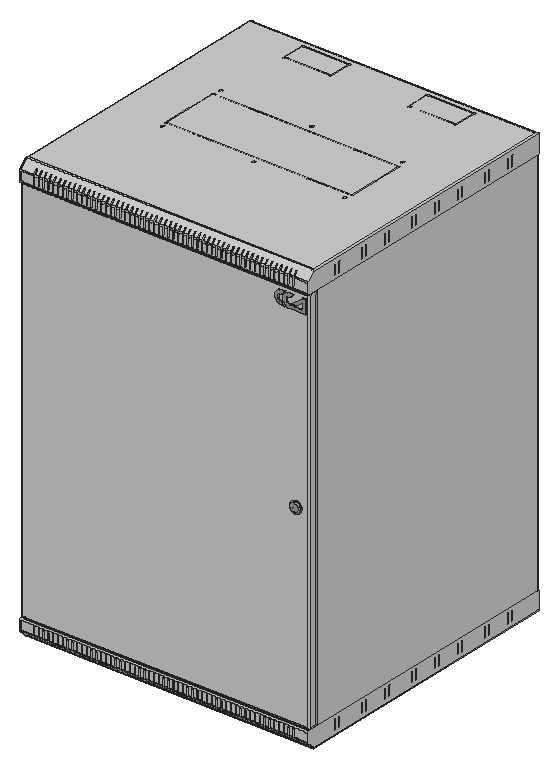
Revit family "Шкаф телекоммуникационный настенный сварной 19” 600х600", category Обобщенные модели, Revit 2019 (continued)
Definition of nested family "Крышка 600"
  Forms (mm)
    Extrusion 102, void, detail levels fine
      sketch origin (0, 0, -274.506) x (0, 1, 0) y (0, 0, 1)
        loop
          arc (238.196, 473.006) -> (239.942, 474.752) -> (238.196, 476.499) r 1.747
      from 299 to 300
    Extrusion 103, void, detail levels fine
      sketch origin (0, 0, -264.506) x (0, 1, 0) y (0, 0, 1)
        loop
          line (238.196, 476.499) -> (216.196, 476.499)
          arc (216.196, 476.499) -> (214.449, 474.752) -> (216.196, 473.006) r 1.747
          line (216.196, 473.006) -> (238.196, 473.006)
          arc (238.196, 473.006) -> (239.942, 474.752) -> (238.196, 476.499) r 1.747
      from 299 to 300
    Extrusion 104, void, detail levels fine
      sketch origin (0, 0, -254.506) x (0, 1, 0) y (0, 0, 1)
        loop
          line (238.196, 476.499) -> (216.196, 476.499)
          arc (216.196, 476.499) -> (214.449, 474.752) -> (216.196, 473.006) r 1.747
          line (216.196, 473.006) -> (238.196, 473.006)
          arc (238.196, 473.006) -> (239.942, 474.752) -> (238.196, 476.499) r 1.747
      from 299 to 300
    Extrusion 105, void, detail levels fine
      sketch origin (0, 0, -244.506) x (0, 1, 0) y (0, 0, 1)
        loop
          line (238.196, 476.499) -> (216.196, 476.499)
          arc (216.196, 476.499) -> (214.449, 474.752) -> (216.196, 473.006) r 1.747
          line (216.196, 473.006) -> (238.196, 473.006)
          arc (238.196, 473.006) -> (239.942, 474.752) -> (238.196, 476.499) r 1.747
      from 299 to 300
    Extrusion 106, void, detail levels fine
      sketch origin (0, 0, -234.506) x (0, 1, 0) y (0, 0, 1)
        loop
          line (238.196, 476.499) -> (216.196, 476.499)
          arc (216.196, 476.499) -> (214.449, 474.752) -> (216.196, 473.006) r 1.747
          line (216.196, 473.006) -> (238.196, 473.006)
          arc (238.196, 473.006) -> (239.942, 474.752) -> (238.196, 476.499) r 1.747
      from 299 to 300
    Extrusion 107, void, detail levels fine
      sketch origin (0, 0, -224.506) x (0, 1, 0) y (0, 0, 1)
        loop
          line (238.196, 476.499) -> (216.196, 476.499)
          arc (216.196, 476.499) -> (214.449, 474.752) -> (216.196, 473.006) r 1.747
          line (216.196, 473.006) -> (238.196, 473.006)
          arc (238.196, 473.006) -> (239.942, 474.752) -> (238.196, 476.499) r 1.747
      from 299 to 300
    Extrusion 108, void, detail levels fine
      sketch origin (127.434, 67.262, -39.994) x (1, 0, 0) y (0, 1, 0)
        loop
          line (31.066, 172.333) -> (31.066, 148.933)
          arc (31.066, 148.933) -> (32.566, 147.433) -> (34.066, 148.933) r 1.5
          line (34.066, 148.933) -> (34.066, 172.333)
          arc (34.066, 172.333) -> (32.566, 173.833) -> (31.066, 172.333) r 1.5
      from 639.994 to 600 <- "ADSK_Размер_Глубина"
    Extrusion 109, void, detail levels fine
      sketch origin (137.434, 67.262, -39.994) x (1, 0, 0) y (0, 1, 0)
        loop
          line (31.066, 172.333) -> (31.066, 148.933)
          arc (31.066, 148.933) -> (32.566, 147.433) -> (34.066, 148.933) r 1.5
          line (34.066, 148.933) -> (34.066, 172.333)
          arc (34.066, 172.333) -> (32.566, 173.833) -> (31.066, 172.333) r 1.5
      from 639.994 to 600 <- "ADSK_Размер_Глубина"
    Extrusion 110, void, detail levels fine
      sketch origin (107.434, 67.262, -39.994) x (1, 0, 0) y (0, 1, 0)
        loop
          line (31.066, 172.333) -> (31.066, 148.933)
          arc (31.066, 148.933) -> (32.566, 147.433) -> (34.066, 148.933) r 1.5
          line (34.066, 148.933) -> (34.066, 172.333)
          arc (34.066, 172.333) -> (32.566, 173.833) -> (31.066, 172.333) r 1.5
      from 639.994 to 600 <- "ADSK_Размер_Глубина"
    Extrusion 111, void, detail levels fine
      sketch origin (117.434, 67.262, -39.994) x (1, 0, 0) y (0, 1, 0)
        loop
          line (31.066, 172.333) -> (31.066, 148.933)
          arc (31.066, 148.933) -> (32.566, 147.433) -> (34.066, 148.933) r 1.5
          line (34.066, 148.933) -> (34.066, 172.333)
          arc (34.066, 172.333) -> (32.566, 173.833) -> (31.066, 172.333) r 1.5
      from 639.994 to 600 <- "ADSK_Размер_Глубина"
    Extrusion 112, void, detail levels fine
      sketch origin (87.434, 67.262, -39.994) x (1, 0, 0) y (0, 1, 0)
        loop
          line (31.066, 172.333) -> (31.066, 148.933)
          arc (31.066, 148.933) -> (32.566, 147.433) -> (34.066, 148.933) r 1.5
          line (34.066, 148.933) -> (34.066, 172.333)
          arc (34.066, 172.333) -> (32.566, 173.833) -> (31.066, 172.333) r 1.5
      from 639.994 to 600 <- "ADSK_Размер_Глубина"
    Extrusion 113, void, detail levels fine
      sketch origin (97.434, 67.262, -39.994) x (1, 0, 0) y (0, 1, 0)
        loop
          line (31.066, 172.333) -> (31.066, 148.933)
          arc (31.066, 148.933) -> (32.566, 147.433) -> (34.066, 148.933) r 1.5
          line (34.066, 148.933) -> (34.066, 172.333)
          arc (34.066, 172.333) -> (32.566, 173.833) -> (31.066, 172.333) r 1.5
      from 639.994 to 600 <- "ADSK_Размер_Глубина"
    Extrusion 114, void, detail levels fine
      sketch origin (67.434, 67.262, -39.994) x (1, 0, 0) y (0, 1, 0)
        loop
          line (31.066, 172.333) -> (31.066, 148.933)
          arc (31.066, 148.933) -> (32.566, 147.433) -> (34.066, 148.933) r 1.5
          line (34.066, 148.933) -> (34.066, 172.333)
          arc (34.066, 172.333) -> (32.566, 173.833) -> (31.066, 172.333) r 1.5
      from 639.994 to 600 <- "ADSK_Размер_Глубина"
    Extrusion 115, void, detail levels fine
      sketch origin (77.434, 67.262, -39.994) x (1, 0, 0) y (0, 1, 0)
        loop
          line (31.066, 172.333) -> (31.066, 148.933)
          arc (31.066, 148.933) -> (32.566, 147.433) -> (34.066, 148.933) r 1.5
          line (34.066, 148.933) -> (34.066, 172.333)
          arc (34.066, 172.333) -> (32.566, 173.833) -> (31.066, 172.333) r 1.5
      from 639.994 to 600 <- "ADSK_Размер_Глубина"
    Extrusion 116, void, detail levels fine
      sketch origin (47.434, 67.262, -39.994) x (1, 0, 0) y (0, 1, 0)
        loop
          line (31.066, 172.333) -> (31.066, 148.933)
          arc (31.066, 148.933) -> (32.566, 147.433) -> (34.066, 148.933) r 1.5
          line (34.066, 148.933) -> (34.066, 172.333)
          arc (34.066, 172.333) -> (32.566, 173.833) -> (31.066, 172.333) r 1.5
      from 639.994 to 600 <- "ADSK_Размер_Глубина"
    Extrusion 117, void, detail levels fine
      sketch origin (57.434, 67.262, -39.994) x (1, 0, 0) y (0, 1, 0)
        loop
          line (31.066, 172.333) -> (31.066, 148.933)
          arc (31.066, 148.933) -> (32.566, 147.433) -> (34.066, 148.933) r 1.5
          line (34.066, 148.933) -> (34.066, 172.333)
          arc (34.066, 172.333) -> (32.566, 173.833) -> (31.066, 172.333) r 1.5
      from 639.994 to 600 <- "ADSK_Размер_Глубина"
    Extrusion 118, void, detail levels fine
      sketch origin (27.434, 67.262, -39.994) x (1, 0, 0) y (0, 1, 0)
        loop
          line (31.066, 172.333) -> (31.066, 148.933)
          arc (31.066, 148.933) -> (32.566, 147.433) -> (34.066, 148.933) r 1.5
          line (34.066, 148.933) -> (34.066, 172.333)
          arc (34.066, 172.333) -> (32.566, 173.833) -> (31.066, 172.333) r 1.5
      from 639.994 to 600 <- "ADSK_Размер_Глубина"
    Extrusion 119, void, detail levels fine
      sketch origin (37.434, 67.262, -39.994) x (1, 0, 0) y (0, 1, 0)
        loop
          line (31.066, 172.333) -> (31.066, 148.933)
          arc (31.066, 148.933) -> (32.566, 147.433) -> (34.066, 148.933) r 1.5
          line (34.066, 148.933) -> (34.066, 172.333)
          arc (34.066, 172.333) -> (32.566, 173.833) -> (31.066, 172.333) r 1.5
      from 639.994 to 600 <- "ADSK_Размер_Глубина"
    Extrusion 120, void, detail levels fine
      sketch origin (7.434, 67.262, -39.994) x (1, 0, 0) y (0, 1, 0)
        loop
          line (31.066, 172.333) -> (31.066, 148.933)
          arc (31.066, 148.933) -> (32.566, 147.433) -> (34.066, 148.933) r 1.5
          line (34.066, 148.933) -> (34.066, 172.333)
          arc (34.066, 172.333) -> (32.566, 173.833) -> (31.066, 172.333) r 1.5
      from 639.994 to 600 <- "ADSK_Размер_Глубина"
    Extrusion 121, void, detail levels fine
      sketch origin (17.434, 67.262, -39.994) x (1, 0, 0) y (0, 1, 0)
        loop
          line (31.066, 172.333) -> (31.066, 148.933)
          arc (31.066, 148.933) -> (32.566, 147.433) -> (34.066, 148.933) r 1.5
          line (34.066, 148.933) -> (34.066, 172.333)
          arc (34.066, 172.333) -> (32.566, 173.833) -> (31.066, 172.333) r 1.5
      from 639.994 to 600 <- "ADSK_Размер_Глубина"
    Extrusion 122, void, detail levels fine
      sketch origin (-12.566, 67.262, -39.994) x (1, 0, 0) y (0, 1, 0)
        loop
          line (31.066, 172.333) -> (31.066, 148.933)
          arc (31.066, 148.933) -> (32.566, 147.433) -> (34.066, 148.933) r 1.5
          line (34.066, 148.933) -> (34.066, 172.333)
          arc (34.066, 172.333) -> (32.566, 173.833) -> (31.066, 172.333) r 1.5
      from 639.994 to 600 <- "ADSK_Размер_Глубина"
    Extrusion 123, void, detail levels fine
      sketch origin (-2.566, 67.262, -39.994) x (1, 0, 0) y (0, 1, 0)
        loop
          line (31.066, 172.333) -> (31.066, 148.933)
          arc (31.066, 148.933) -> (32.566, 147.433) -> (34.066, 148.933) r 1.5
          line (34.066, 148.933) -> (34.066, 172.333)
          arc (34.066, 172.333) -> (32.566, 173.833) -> (31.066, 172.333) r 1.5
      from 639.994 to 600 <- "ADSK_Размер_Глубина"
    Extrusion 124, void, detail levels fine
      sketch origin (-32.566, 67.262, -39.994) x (1, 0, 0) y (0, 1, 0)
        loop
          line (31.066, 172.333) -> (31.066, 148.933)
          arc (31.066, 148.933) -> (32.566, 147.433) -> (34.066, 148.933) r 1.5
          line (34.066, 148.933) -> (34.066, 172.333)
          arc (34.066, 172.333) -> (32.566, 173.833) -> (31.066, 172.333) r 1.5
      from 639.994 to 600 <- "ADSK_Размер_Глубина"
    Extrusion 125, void, detail levels fine
      sketch origin (-22.566, 67.262, -39.994) x (1, 0, 0) y (0, 1, 0)
        loop
          line (31.066, 172.333) -> (31.066, 148.933)
          arc (31.066, 148.933) -> (32.566, 147.433) -> (34.066, 148.933) r 1.5
          line (34.066, 148.933) -> (34.066, 172.333)
          arc (34.066, 172.333) -> (32.566, 173.833) -> (31.066, 172.333) r 1.5
      from 639.994 to 600 <- "ADSK_Размер_Глубина"
    Extrusion 126, void, detail levels fine
      sketch origin (-52.566, 67.262, -39.994) x (1, 0, 0) y (0, 1, 0)
        loop
          line (31.066, 172.333) -> (31.066, 148.933)
          arc (31.066, 148.933) -> (32.566, 147.433) -> (34.066, 148.933) r 1.5
          line (34.066, 148.933) -> (34.066, 172.333)
          arc (34.066, 172.333) -> (32.566, 173.833) -> (31.066, 172.333) r 1.5
      from 639.994 to 600 <- "ADSK_Размер_Глубина"
    Extrusion 127, void, detail levels fine
      sketch origin (-42.566, 67.262, -39.994) x (1, 0, 0) y (0, 1, 0)
        loop
          line (31.066, 172.333) -> (31.066, 148.933)
          arc (31.066, 148.933) -> (32.566, 147.433) -> (34.066, 148.933) r 1.5
          line (34.066, 148.933) -> (34.066, 172.333)
          arc (34.066, 172.333) -> (32.566, 173.833) -> (31.066, 172.333) r 1.5
      from 639.994 to 600 <- "ADSK_Размер_Глубина"
    Extrusion 128, void, detail levels fine
      sketch origin (-72.566, 67.262, -39.994) x (1, 0, 0) y (0, 1, 0)
        loop
          line (31.066, 172.333) -> (31.066, 148.933)
          arc (31.066, 148.933) -> (32.566, 147.433) -> (34.066, 148.933) r 1.5
          line (34.066, 148.933) -> (34.066, 172.333)
          arc (34.066, 172.333) -> (32.566, 173.833) -> (31.066, 172.333) r 1.5
      from 639.994 to 600 <- "ADSK_Размер_Глубина"
    Extrusion 129, void, detail levels fine
      sketch origin (-62.566, 67.262, -39.994) x (1, 0, 0) y (0, 1, 0)
        loop
          line (31.066, 172.333) -> (31.066, 148.933)
          arc (31.066, 148.933) -> (32.566, 147.433) -> (34.066, 148.933) r 1.5
          line (34.066, 148.933) -> (34.066, 172.333)
          arc (34.066, 172.333) -> (32.566, 173.833) -> (31.066, 172.333) r 1.5
      from 639.994 to 600 <- "ADSK_Размер_Глубина"
    Extrusion 130, void, detail levels fine
      sketch origin (-92.566, 67.262, -39.994) x (1, 0, 0) y (0, 1, 0)
        loop
          line (31.066, 172.333) -> (31.066, 148.933)
          arc (31.066, 148.933) -> (32.566, 147.433) -> (34.066, 148.933) r 1.5
          line (34.066, 148.933) -> (34.066, 172.333)
          arc (34.066, 172.333) -> (32.566, 173.833) -> (31.066, 172.333) r 1.5
      from 639.994 to 600 <- "ADSK_Размер_Глубина"
    Extrusion 131, void, detail levels fine
      sketch origin (-82.566, 67.262, -39.994) x (1, 0, 0) y (0, 1, 0)
        loop
          line (31.066, 172.333) -> (31.066, 148.933)
          arc (31.066, 148.933) -> (32.566, 147.433) -> (34.066, 148.933) r 1.5
          line (34.066, 148.933) -> (34.066, 172.333)
          arc (34.066, 172.333) -> (32.566, 173.833) -> (31.066, 172.333) r 1.5
      from 639.994 to 600 <- "ADSK_Размер_Глубина"
    Extrusion 132, void, detail levels fine
      sketch origin (-112.566, 67.262, -39.994) x (1, 0, 0) y (0, 1, 0)
        loop
          line (31.066, 172.333) -> (31.066, 148.933)
          arc (31.066, 148.933) -> (32.566, 147.433) -> (34.066, 148.933) r 1.5
          line (34.066, 148.933) -> (34.066, 172.333)
          arc (34.066, 172.333) -> (32.566, 173.833) -> (31.066, 172.333) r 1.5
      from 639.994 to 600 <- "ADSK_Размер_Глубина"
    Extrusion 133, void, detail levels fine
      sketch origin (-102.566, 67.262, -39.994) x (1, 0, 0) y (0, 1, 0)
        loop
          line (31.066, 172.333) -> (31.066, 148.933)
          arc (31.066, 148.933) -> (32.566, 147.433) -> (34.066, 148.933) r 1.5
          line (34.066, 148.933) -> (34.066, 172.333)
          arc (34.066, 172.333) -> (32.566, 173.833) -> (31.066, 172.333) r 1.5
      from 639.994 to 600 <- "ADSK_Размер_Глубина"
    Extrusion 134, void, detail levels fine
      sketch origin (-132.566, 67.262, -39.994) x (1, 0, 0) y (0, 1, 0)
        loop
          line (31.066, 172.333) -> (31.066, 148.933)
          arc (31.066, 148.933) -> (32.566, 147.433) -> (34.066, 148.933) r 1.5
          line (34.066, 148.933) -> (34.066, 172.333)
          arc (34.066, 172.333) -> (32.566, 173.833) -> (31.066, 172.333) r 1.5
      from 639.994 to 600 <- "ADSK_Размер_Глубина"
    Extrusion 135, void, detail levels fine
      sketch origin (-122.566, 67.262, -39.994) x (1, 0, 0) y (0, 1, 0)
        loop
          line (31.066, 172.333) -> (31.066, 148.933)
          arc (31.066, 148.933) -> (32.566, 147.433) -> (34.066, 148.933) r 1.5
          line (34.066, 148.933) -> (34.066, 172.333)
          arc (34.066, 172.333) -> (32.566, 173.833) -> (31.066, 172.333) r 1.5
      from 639.994 to 600 <- "ADSK_Размер_Глубина"
    Extrusion 136, void, detail levels fine
      sketch origin (-152.566, 67.262, -39.994) x (1, 0, 0) y (0, 1, 0)
        loop
          line (31.066, 172.333) -> (31.066, 148.933)
          arc (31.066, 148.933) -> (32.566, 147.433) -> (34.066, 148.933) r 1.5
          line (34.066, 148.933) -> (34.066, 172.333)
          arc (34.066, 172.333) -> (32.566, 173.833) -> (31.066, 172.333) r 1.5
      from 639.994 to 600 <- "ADSK_Размер_Глубина"
    Extrusion 137, void, detail levels fine
      sketch origin (-142.566, 67.262, -39.994) x (1, 0, 0) y (0, 1, 0)
        loop
          line (31.066, 172.333) -> (31.066, 148.933)
          arc (31.066, 148.933) -> (32.566, 147.433) -> (34.066, 148.933) r 1.5
          line (34.066, 148.933) -> (34.066, 172.333)
          arc (34.066, 172.333) -> (32.566, 173.833) -> (31.066, 172.333) r 1.5
      from 639.994 to 600 <- "ADSK_Размер_Глубина"
    Extrusion 138, void, detail levels fine
      sketch origin (-172.566, 67.262, -39.994) x (1, 0, 0) y (0, 1, 0)
        loop
          line (31.066, 172.333) -> (31.066, 148.933)
          arc (31.066, 148.933) -> (32.566, 147.433) -> (34.066, 148.933) r 1.5
          line (34.066, 148.933) -> (34.066, 172.333)
          arc (34.066, 172.333) -> (32.566, 173.833) -> (31.066, 172.333) r 1.5
      from 639.994 to 600 <- "ADSK_Размер_Глубина"
    Extrusion 139, void, detail levels fine
      sketch origin (-162.566, 67.262, -39.994) x (1, 0, 0) y (0, 1, 0)
        loop
          line (31.066, 172.333) -> (31.066, 148.933)
          arc (31.066, 148.933) -> (32.566, 147.433) -> (34.066, 148.933) r 1.5
          line (34.066, 148.933) -> (34.066, 172.333)
          arc (34.066, 172.333) -> (32.566, 173.833) -> (31.066, 172.333) r 1.5
      from 639.994 to 600 <- "ADSK_Размер_Глубина"
    Extrusion 140, void, detail levels fine
      sketch origin (-192.566, 67.262, -39.994) x (1, 0, 0) y (0, 1, 0)
        loop
          line (31.066, 172.333) -> (31.066, 148.933)
          arc (31.066, 148.933) -> (32.566, 147.433) -> (34.066, 148.933) r 1.5
          line (34.066, 148.933) -> (34.066, 172.333)
          arc (34.066, 172.333) -> (32.566, 173.833) -> (31.066, 172.333) r 1.5
      from 639.994 to 600 <- "ADSK_Размер_Глубина"
    Extrusion 141, void, detail levels fine
      sketch origin (-182.566, 67.262, -39.994) x (1, 0, 0) y (0, 1, 0)
        loop
          line (31.066, 172.333) -> (31.066, 148.933)
          arc (31.066, 148.933) -> (32.566, 147.433) -> (34.066, 148.933) r 1.5
          line (34.066, 148.933) -> (34.066, 172.333)
          arc (34.066, 172.333) -> (32.566, 173.833) -> (31.066, 172.333) r 1.5
      from 639.994 to 600 <- "ADSK_Размер_Глубина"
    Extrusion 142, void, detail levels fine
      sketch origin (-212.566, 67.262, -39.994) x (1, 0, 0) y (0, 1, 0)
        loop
          line (31.066, 172.333) -> (31.066, 148.933)
          arc (31.066, 148.933) -> (32.566, 147.433) -> (34.066, 148.933) r 1.5
          line (34.066, 148.933) -> (34.066, 172.333)
          arc (34.066, 172.333) -> (32.566, 173.833) -> (31.066, 172.333) r 1.5
      from 639.994 to 600 <- "ADSK_Размер_Глубина"
    Extrusion 143, void, detail levels fine
      sketch origin (-202.566, 67.262, -39.994) x (1, 0, 0) y (0, 1, 0)
        loop
          line (31.066, 172.333) -> (31.066, 148.933)
          arc (31.066, 148.933) -> (32.566, 147.433) -> (34.066, 148.933) r 1.5
          line (34.066, 148.933) -> (34.066, 172.333)
          arc (34.066, 172.333) -> (32.566, 173.833) -> (31.066, 172.333) r 1.5
      from 639.994 to 600 <- "ADSK_Размер_Глубина"
    Extrusion 144, void, detail levels fine
      sketch origin (-232.566, 67.262, -39.994) x (1, 0, 0) y (0, 1, 0)
        loop
          line (31.066, 172.333) -> (31.066, 148.933)
          arc (31.066, 148.933) -> (32.566, 147.433) -> (34.066, 148.933) r 1.5
          line (34.066, 148.933) -> (34.066, 172.333)
          arc (34.066, 172.333) -> (32.566, 173.833) -> (31.066, 172.333) r 1.5
      from 639.994 to 600 <- "ADSK_Размер_Глубина"
    Extrusion 145, void, detail levels fine
      sketch origin (-222.566, 67.262, -39.994) x (1, 0, 0) y (0, 1, 0)
        loop
          line (31.066, 172.333) -> (31.066, 148.933)
          arc (31.066, 148.933) -> (32.566, 147.433) -> (34.066, 148.933) r 1.5
          line (34.066, 148.933) -> (34.066, 172.333)
          arc (34.066, 172.333) -> (32.566, 173.833) -> (31.066, 172.333) r 1.5
      from 639.994 to 600 <- "ADSK_Размер_Глубина"
    Extrusion 146, void, detail levels fine
      sketch origin (-252.566, 67.262, -39.994) x (1, 0, 0) y (0, 1, 0)
        loop
          line (31.066, 172.333) -> (31.066, 148.933)
          arc (31.066, 148.933) -> (32.566, 147.433) -> (34.066, 148.933) r 1.5
          line (34.066, 148.933) -> (34.066, 172.333)
          arc (34.066, 172.333) -> (32.566, 173.833) -> (31.066, 172.333) r 1.5
      from 639.994 to 600 <- "ADSK_Размер_Глубина"
    Extrusion 147, void, detail levels fine
      sketch origin (-242.566, 67.262, -39.994) x (1, 0, 0) y (0, 1, 0)
        loop
          line (31.066, 172.333) -> (31.066, 148.933)
          arc (31.066, 148.933) -> (32.566, 147.433) -> (34.066, 148.933) r 1.5
          line (34.066, 148.933) -> (34.066, 172.333)
          arc (34.066, 172.333) -> (32.566, 173.833) -> (31.066, 172.333) r 1.5
      from 639.994 to 600 <- "ADSK_Размер_Глубина"
    Extrusion 148, void, detail levels fine
      sketch origin (-272.566, 67.262, -39.994) x (1, 0, 0) y (0, 1, 0)
        loop
          line (31.066, 172.333) -> (31.066, 148.933)
          arc (31.066, 148.933) -> (32.566, 147.433) -> (34.066, 148.933) r 1.5
          line (34.066, 148.933) -> (34.066, 172.333)
          arc (34.066, 172.333) -> (32.566, 173.833) -> (31.066, 172.333) r 1.5
      from 639.994 to 600 <- "ADSK_Размер_Глубина"
    Extrusion 149, void, detail levels fine
      sketch origin (-262.566, 67.262, -39.994) x (1, 0, 0) y (0, 1, 0)
        loop
          line (31.066, 172.333) -> (31.066, 148.933)
          arc (31.066, 148.933) -> (32.566, 147.433) -> (34.066, 148.933) r 1.5
          line (34.066, 148.933) -> (34.066, 172.333)
          arc (34.066, 172.333) -> (32.566, 173.833) -> (31.066, 172.333) r 1.5
      from 639.994 to 600 <- "ADSK_Размер_Глубина"
    Extrusion 150, void, detail levels fine
      sketch origin (-292.566, 67.262, -39.994) x (1, 0, 0) y (0, 1, 0)
        loop
          line (31.066, 172.333) -> (31.066, 148.933)
          arc (31.066, 148.933) -> (32.566, 147.433) -> (34.066, 148.933) r 1.5
          line (34.066, 148.933) -> (34.066, 172.333)
          arc (34.066, 172.333) -> (32.566, 173.833) -> (31.066, 172.333) r 1.5
      from 639.994 to 600 <- "ADSK_Размер_Глубина"
    Extrusion 151, void, detail levels fine
      sketch origin (-282.566, 67.262, -39.994) x (1, 0, 0) y (0, 1, 0)
        loop
          line (31.066, 172.333) -> (31.066, 148.933)
          arc (31.066, 148.933) -> (32.566, 147.433) -> (34.066, 148.933) r 1.5
          line (34.066, 148.933) -> (34.066, 172.333)
          arc (34.066, 172.333) -> (32.566, 173.833) -> (31.066, 172.333) r 1.5
      from 639.994 to 600 <- "ADSK_Размер_Глубина"
    Extrusion 152, void, detail levels fine
      sketch origin (-302.566, 67.262, -39.994) x (1, 0, 0) y (0, 1, 0)
        loop
          line (31.066, 172.333) -> (31.066, 148.933)
          arc (31.066, 148.933) -> (32.566, 147.433) -> (34.066, 148.933) r 1.5
          line (34.066, 148.933) -> (34.066, 172.333)
          arc (34.066, 172.333) -> (32.566, 173.833) -> (31.066, 172.333) r 1.5
      from 639.994 to 600 <- "ADSK_Размер_Глубина"
    Extrusion 153, void, detail levels fine
      sketch origin (0, 0, -364.506) x (0, 1, 0) y (0, 0, 1)
        loop
          line (238.196, 626.499) -> (216.196, 626.499)
          arc (216.196, 626.499) -> (214.449, 624.752) -> (216.196, 623.006) r 1.747
          line (216.196, 623.006) -> (238.196, 623.006)
          arc (238.196, 623.006) -> (239.942, 624.752) -> (238.196, 626.499) r 1.747
      from 299 to 300
    Extrusion 154, void, detail levels fine
      sketch origin (0, 0, -354.506) x (0, 1, 0) y (0, 0, 1)
        loop
          line (238.196, 626.499) -> (216.196, 626.499)
          arc (216.196, 626.499) -> (214.449, 624.752) -> (216.196, 623.006) r 1.747
          line (216.196, 623.006) -> (238.196, 623.006)
          arc (238.196, 623.006) -> (239.942, 624.752) -> (238.196, 626.499) r 1.747
      from 299 to 300
    Extrusion 155, void, detail levels fine
      sketch origin (0, 0, -294.506) x (0, 1, 0) y (0, 0, 1)
        loop
          line (238.196, 576.499) -> (216.196, 576.499)
          arc (216.196, 576.499) -> (214.449, 574.752) -> (216.196, 573.006) r 1.747
          line (216.196, 573.006) -> (238.196, 573.006)
          arc (238.196, 573.006) -> (239.942, 574.752) -> (238.196, 576.499) r 1.747
      from 299 to 300
    Extrusion 156, void, detail levels fine
      sketch origin (0, 0, -284.506) x (0, 1, 0) y (0, 0, 1)
        loop
          line (238.196, 576.499) -> (216.196, 576.499)
          arc (216.196, 576.499) -> (214.449, 574.752) -> (216.196, 573.006) r 1.747
          line (216.196, 573.006) -> (238.196, 573.006)
          arc (238.196, 573.006) -> (239.942, 574.752) -> (238.196, 576.499) r 1.747
      from 299 to 300
    Extrusion 157, void, detail levels fine
      sketch origin (0, 0, -274.506) x (0, 1, 0) y (0, 0, 1)
        loop
          line (238.196, 576.499) -> (216.196, 576.499)
          arc (216.196, 576.499) -> (214.449, 574.752) -> (216.196, 573.006) r 1.747
          line (216.196, 573.006) -> (238.196, 573.006)
          arc (238.196, 573.006) -> (239.942, 574.752) -> (238.196, 576.499) r 1.747
      from 299 to 300
    Extrusion 158, void, detail levels fine
      sketch origin (0, 0, -264.506) x (0, 1, 0) y (0, 0, 1)
        loop
          line (238.196, 576.499) -> (216.196, 576.499)
          arc (216.196, 576.499) -> (214.449, 574.752) -> (216.196, 573.006) r 1.747
          line (216.196, 573.006) -> (238.196, 573.006)
          arc (238.196, 573.006) -> (239.942, 574.752) -> (238.196, 576.499) r 1.747
      from 299 to 300
    Extrusion 159, void, detail levels fine
      sketch origin (0, 0, -254.506) x (0, 1, 0) y (0, 0, 1)
        loop
          line (238.196, 576.499) -> (216.196, 576.499)
          arc (216.196, 576.499) -> (214.449, 574.752) -> (216.196, 573.006) r 1.747
          line (216.196, 573.006) -> (238.196, 573.006)
          arc (238.196, 573.006) -> (239.942, 574.752) -> (238.196, 576.499) r 1.747
      from 299 to 300
    Extrusion 160, void, detail levels fine
      sketch origin (0, 0, -244.506) x (0, 1, 0) y (0, 0, 1)
        loop
          line (238.196, 576.499) -> (216.196, 576.499)
          arc (216.196, 576.499) -> (214.449, 574.752) -> (216.196, 573.006) r 1.747
          line (216.196, 573.006) -> (238.196, 573.006)
          arc (238.196, 573.006) -> (239.942, 574.752) -> (238.196, 576.499) r 1.747
      from 299 to 300
    Extrusion 161, void, detail levels fine
      sketch origin (0, 0, -234.506) x (0, 1, 0) y (0, 0, 1)
        loop
          line (238.196, 576.499) -> (216.196, 576.499)
          arc (216.196, 576.499) -> (214.449, 574.752) -> (216.196, 573.006) r 1.747
          line (216.196, 573.006) -> (238.196, 573.006)
          arc (238.196, 573.006) -> (239.942, 574.752) -> (238.196, 576.499) r 1.747
      from 299 to 300
    Extrusion 162, void, detail levels fine
      sketch origin (0, 0, -224.506) x (0, 1, 0) y (0, 0, 1)
        loop
          line (238.196, 576.499) -> (216.196, 576.499)
          arc (216.196, 576.499) -> (214.449, 574.752) -> (216.196, 573.006) r 1.747
          line (216.196, 573.006) -> (238.196, 573.006)
          arc (238.196, 573.006) -> (239.942, 574.752) -> (238.196, 576.499) r 1.747
      from 299 to 300
    Extrusion 163, void, detail levels fine
      sketch origin (0, 0, -244.506) x (0, 1, 0) y (0, 0, -1)
        loop
          arc (238.196, -576.499) -> (239.942, -574.752) -> (238.196, -573.006) r 1.747
          line (238.196, -573.006) -> (216.196, -573.006)
          arc (216.196, -573.006) -> (214.449, -574.752) -> (216.196, -576.499) r 1.747
          line (216.196, -576.499) -> (238.196, -576.499)
      from 299 to 300
    Extrusion 164, void, detail levels fine
      sketch origin (0, 0, -234.506) x (0, 1, 0) y (0, 0, -1)
        loop
          arc (238.196, -576.499) -> (239.942, -574.752) -> (238.196, -573.006) r 1.747
          line (238.196, -573.006) -> (216.196, -573.006)
          arc (216.196, -573.006) -> (214.449, -574.752) -> (216.196, -576.499) r 1.747
          line (216.196, -576.499) -> (238.196, -576.499)
      from 299 to 300
    Extrusion 165, void, detail levels fine
      sketch origin (0, 0, -274.506) x (0, 1, 0) y (0, 0, -1)
        loop
          arc (238.196, -576.499) -> (239.942, -574.752) -> (238.196, -573.006) r 1.747
          line (238.196, -573.006) -> (216.196, -573.006)
          arc (216.196, -573.006) -> (214.449, -574.752) -> (216.196, -576.499) r 1.747
          line (216.196, -576.499) -> (238.196, -576.499)
      from 299 to 300
    Extrusion 166, void, detail levels fine
      sketch origin (0, 0, -264.506) x (0, 1, 0) y (0, 0, -1)
        loop
          arc (238.196, -576.499) -> (239.942, -574.752) -> (238.196, -573.006) r 1.747
          line (238.196, -573.006) -> (216.196, -573.006)
          arc (216.196, -573.006) -> (214.449, -574.752) -> (216.196, -576.499) r 1.747
          line (216.196, -576.499) -> (238.196, -576.499)
      from 299 to 300
    Extrusion 167, void, detail levels fine
      sketch origin (0, 0, -254.506) x (0, 1, 0) y (0, 0, -1)
        loop
          arc (238.196, -576.499) -> (239.942, -574.752) -> (238.196, -573.006) r 1.747
          line (238.196, -573.006) -> (216.196, -573.006)
          arc (216.196, -573.006) -> (214.449, -574.752) -> (216.196, -576.499) r 1.747
          line (216.196, -576.499) -> (238.196, -576.499)
      from 299 to 300
    Extrusion 168, void, detail levels fine
      sketch origin (0, 0, -294.506) x (0, 1, 0) y (0, 0, -1)
        loop
          arc (238.196, -576.499) -> (239.942, -574.752) -> (238.196, -573.006) r 1.747
          line (238.196, -573.006) -> (216.196, -573.006)
          arc (216.196, -573.006) -> (214.449, -574.752) -> (216.196, -576.499) r 1.747
          line (216.196, -576.499) -> (238.196, -576.499)
      from 299 to 300
    Extrusion 169, void, detail levels fine
      sketch origin (0, 0, -284.506) x (0, 1, 0) y (0, 0, -1)
        loop
          arc (238.196, -576.499) -> (239.942, -574.752) -> (238.196, -573.006) r 1.747
          line (238.196, -573.006) -> (216.196, -573.006)
          arc (216.196, -573.006) -> (214.449, -574.752) -> (216.196, -576.499) r 1.747
          line (216.196, -576.499) -> (238.196, -576.499)
      from 299 to 300
    Extrusion 170, void, detail levels fine
      sketch origin (0, 0, -324.506) x (0, 1, 0) y (0, 0, -1)
        loop
          arc (238.196, -576.499) -> (239.942, -574.752) -> (238.196, -573.006) r 1.747
          line (238.196, -573.006) -> (216.196, -573.006)
          arc (216.196, -573.006) -> (214.449, -574.752) -> (216.196, -576.499) r 1.747
          line (216.196, -576.499) -> (238.196, -576.499)
      from 299 to 300
    Extrusion 171, void, detail levels fine
      sketch origin (0, 0, -314.506) x (0, 1, 0) y (0, 0, -1)
        loop
          arc (238.196, -576.499) -> (239.942, -574.752) -> (238.196, -573.006) r 1.747
          line (238.196, -573.006) -> (216.196, -573.006)
          arc (216.196, -573.006) -> (214.449, -574.752) -> (216.196, -576.499) r 1.747
          line (216.196, -576.499) -> (238.196, -576.499)
      from 299 to 300
    Extrusion 172, void, detail levels fine
      sketch origin (0, 0, -304.506) x (0, 1, 0) y (0, 0, -1)
        loop
          arc (238.196, -576.499) -> (239.942, -574.752) -> (238.196, -573.006) r 1.747
          line (238.196, -573.006) -> (216.196, -573.006)
          arc (216.196, -573.006) -> (214.449, -574.752) -> (216.196, -576.499) r 1.747
          line (216.196, -576.499) -> (238.196, -576.499)
      from 299 to 300
  Cuts and joins
    Extrusion 3, Extrusion 4, Extrusion 5, Extrusion 6, Extrusion 7, Extrusion 8, Extrusion 9, Extrusion 10, Extrusion 11, Extrusion 12, Extrusion 13, Extrusion 14, Extrusion 15, Extrusion 16, Extrusion 17, Extrusion 18, Extrusion 19, Extrusion 20, Extrusion 21, Extrusion 22, Extrusion 23, Extrusion 24, Extrusion 25, Extrusion 26, Extrusion 27, Extrusion 28, Extrusion 29, Extrusion 30, Extrusion 31, Extrusion 32, Extrusion 33, Extrusion 34, Extrusion 35, Extrusion 36, Extrusion 37, Extrusion 38, Extrusion 39, Extrusion 40, Extrusion 41, Extrusion 42, Extrusion 43, Extrusion 44, Extrusion 45, Extrusion 46, Extrusion 47, Extrusion 48, Extrusion 49, Extrusion 50, Extrusion 51, Extrusion 52, Extrusion 53, Extrusion 54, Extrusion 55, Extrusion 56, Extrusion 57, Extrusion 58, Extrusion 59, Extrusion 60, Extrusion 61, Extrusion 62, Extrusion 63, Extrusion 64, Extrusion 65, Extrusion 66, Extrusion 67, Extrusion 68, Extrusion 69, Extrusion 70, Extrusion 71, Extrusion 72, Extrusion 73, Extrusion 74, Extrusion 75, Extrusion 76, Extrusion 77, Extrusion 78, Extrusion 79, Extrusion 80, Extrusion 81, Extrusion 82, Extrusion 83, Extrusion 84, Extrusion 85, Extrusion 86, Extrusion 87, Extrusion 88, Extrusion 89, Extrusion 90, Extrusion 91, Extrusion 92, Extrusion 93, Extrusion 94, Extrusion 95, Extrusion 96, Extrusion 97, Extrusion 98, Extrusion 99, Extrusion 100, Extrusion 101, Extrusion 102, Extrusion 103, Extrusion 104, Extrusion 105, Extrusion 106, Extrusion 107, Extrusion 108, Extrusion 109, Extrusion 110, Extrusion 111, Extrusion 112, Extrusion 113, Extrusion 114, Extrusion 115, Extrusion 116, Extrusion 117, Extrusion 118, Extrusion 119, Extrusion 120, Extrusion 121, Extrusion 122, Extrusion 123, Extrusion 124, Extrusion 125, Extrusion 126, Extrusion 127, Extrusion 128, Extrusion 129, Extrusion 130, Extrusion 131, Extrusion 132, Extrusion 133, Extrusion 134, Extrusion 135, Extrusion 136, Extrusion 137, Extrusion 138, Extrusion 139, Extrusion 140, Extrusion 141, Extrusion 142, Extrusion 143, Extrusion 144, Extrusion 145, Extrusion 146, Extrusion 147, Extrusion 148, Extrusion 149, Extrusion 150, Extrusion 151, Extrusion 152, Extrusion 153, Extrusion 154, Extrusion 155, Extrusion 156, Extrusion 157, Extrusion 158, Extrusion 159, Extrusion 160, Extrusion 161, Extrusion 162, Extrusion 163, Extrusion 164, Extrusion 165, Extrusion 166, Extrusion 167, Extrusion 168, Extrusion 169, Extrusion 170, Extrusion 171, Extrusion 172 cuts Extrusion 2
  Lines and regions (mm)
    reference lines
      curve 1: line (-1.5, 227.896, 0) -> (1.5, 227.896, 0)
      curve 2: line (299, 0, 0) -> (299, 0, 600)
      curve 3: line (-299, 0, 600) -> (-299, 0, 0)
  Dimensions and locks
    equal spacing: plane 5, plane 3 "По центру (Влево/Вправо)", plane 4
    "ADSK_Размер_Ширина": plane 5 to plane 4
    "ADSK_Размер_Глубина": Extrusion 1 to plane 8
    locked: Extrusion 2 to plane 6 at 40
    aligned and locked: plane 2 to Extrusion 1
    aligned and locked: level to Extrusion 1
    aligned and locked: Extrusion 2 to level
    aligned and locked: Extrusion 2 to plane 8
    aligned and locked: plane 4 to Extrusion 2
    aligned and locked: Extrusion 2 to plane 5
    aligned and locked: Extrusion 6 to plane 6
    aligned and locked: Extrusion 4 to plane 6
    aligned and locked: plane 4 to Extrusion 4
    aligned and locked: Extrusion 3 to plane 6
    aligned and locked: Extrusion 3 to plane 5
    aligned and locked: curve 2 to Extrusion 7
  Automatic sketch dimensions
    curve 1 to curve 1 = 3 mm
    Extrusion 1 sketch curve to Extrusion 1 sketch curve = 2438.4 mm  (x2)
    Extrusion 2 sketch curve to level = 0 mm
    plane 8 to Extrusion 2 sketch curve = 0 mm
    Extrusion 2 sketch curve to plane 6 = 0 mm
    plane 6 to Extrusion 2 sketch curve = 0.879 mm
    level to Extrusion 2 sketch curve = 3 mm  (x2)
    plane 6 to Extrusion 2 sketch curve = 3 mm
    plane 8 to Extrusion 2 sketch curve = 0.879 mm
    plane 6 to Extrusion 2 sketch curve = 16.098 mm
    Extrusion 2 sketch curve to Extrusion 2 sketch curve = 2.121 mm
    Extrusion 2 sketch curve to Extrusion 2 sketch curve = 34 mm
    Extrusion 2 sketch curve to Extrusion 2 sketch curve = 3 mm
    plane 8 to Extrusion 2 sketch curve = 18.22 mm
    Extrusion 3 sketch curve to plane 5 = 0 mm  (x2)
    plane 6 to Extrusion 3 sketch curve = 0 mm  (x2)
    plane 5 to Extrusion 3 sketch curve = 3.029 mm
    Extrusion 3 sketch curve to Extrusion 3 sketch curve = 0 mm  (x2)
    Extrusion 4 sketch curve to plane 4 = 0 mm  (x2)
    plane 6 to Extrusion 4 sketch curve = 0 mm  (x2)
    plane 4 to Extrusion 4 sketch curve = 3.029 mm
    Extrusion 4 sketch curve to Extrusion 4 sketch curve = 0 mm  (x2)
    curve 1 to plane 3 "По центру (Влево/Вправо)" = 1.5 mm
    plane 3 "По центру (Влево/Вправо)" to curve 1 = 1.5 mm
    plane 6 to curve 1 = 22.104 mm
    plane 6 to Extrusion 5 sketch curve = 33.804 mm
    plane 6 to Extrusion 5 sketch curve = 11.804 mm
    level to Extrusion 5 sketch curve = 28.5 mm
    Extrusion 5 sketch curve to Extrusion 5 sketch curve = 1.747 mm
    Extrusion 6 sketch curve to plane 3 "По центру (Влево/Вправо)" = 0 mm  (x2)
    Extrusion 6 sketch curve to plane 3 "По центру (Влево/Вправо)" = 80 mm
    Extrusion 6 sketch curve to Extrusion 6 sketch curve = 2 mm  (x15)
    Extrusion 6 sketch curve to Extrusion 6 sketch curve = 1 mm  (x10)
    Extrusion 6 sketch curve to plane 3 "По центру (Влево/Вправо)" = 100 mm  (x2)
    level to Extrusion 6 sketch curve = 15 mm  (x2)
    Extrusion 6 sketch curve to Extrusion 6 sketch curve = 94 mm  (x2)
    Extrusion 6 sketch curve to Extrusion 6 sketch curve = 0 mm  (x16)
    Extrusion 6 sketch curve to Extrusion 6 sketch curve = 88.7 mm  (x4)
    Extrusion 6 sketch curve to Extrusion 6 sketch curve = 3.3 mm  (x4)
    plane 3 "По центру (Влево/Вправо)" to Extrusion 6 sketch curve = 80 mm
    plane 3 "По центру (Влево/Вправо)" to Extrusion 6 sketch curve = 100 mm  (x2)
    level to Extrusion 6 sketch curve = 17 mm
    Extrusion 6 sketch curve to Extrusion 6 sketch curve = 46 mm  (x2)
    Extrusion 6 sketch curve to Extrusion 6 sketch curve = 150.5 mm  (x3)
    Extrusion 6 sketch curve to Extrusion 6 sketch curve = 14.5 mm  (x2)
    Extrusion 6 sketch curve to Extrusion 6 sketch curve = 58 mm  (x2)
    Extrusion 6 sketch curve to Extrusion 6 sketch curve = 60 mm  (x2)
    Extrusion 6 sketch curve to Extrusion 6 sketch curve = 12.5 mm  (x3)
    plane 8 to Extrusion 7 sketch curve = 3.875 mm
    plane 6 to Extrusion 7 sketch curve = 40 mm
    Extrusion 7 sketch curve to Extrusion 7 sketch curve = 0.847 mm  (x2)
    level to Extrusion 7 sketch curve = 0.911 mm
    Extrusion 7 sketch curve to Extrusion 7 sketch curve = 3 mm  (x2)
    Extrusion 7 sketch curve to Extrusion 7 sketch curve = 17.812 mm
    plane 8 to Extrusion 7 sketch curve = 1.753 mm
    Extrusion 7 sketch curve to Extrusion 7 sketch curve = 2.121 mm
    plane 6 to Extrusion 7 sketch curve = 4 mm
    plane 6 to Extrusion 7 sketch curve = 3.997 mm
    plane 6 to Extrusion 7 sketch curve = 1.878 mm
    plane 6 to Extrusion 7 sketch curve = 1 mm
    plane 8 to Extrusion 7 sketch curve = 18.215 mm
    curve 3 to plane 8 = 0 mm
    curve 3 to level = 0 mm
    curve 2 to plane 8 = 0 mm
    curve 2 to level = 0 mm
    plane 5 to curve 3 = 1 mm
    curve 2 to plane 4 = 1 mm
    plane 6 to Extrusion 8 sketch curve = 33.804 mm
    plane 6 to Extrusion 8 sketch curve = 11.804 mm
    level to Extrusion 8 sketch curve = 38.5 mm
    Extrusion 8 sketch curve to Extrusion 8 sketch curve = 1.747 mm
    plane 6 to Extrusion 9 sketch curve = 33.804 mm
    plane 6 to Extrusion 9 sketch curve = 11.804 mm
    level to Extrusion 9 sketch curve = 48.5 mm
    Extrusion 9 sketch curve to Extrusion 9 sketch curve = 1.747 mm
    plane 6 to Extrusion 10 sketch curve = 33.804 mm
    plane 6 to Extrusion 10 sketch curve = 11.804 mm
    level to Extrusion 10 sketch curve = 58.5 mm
    Extrusion 10 sketch curve to Extrusion 10 sketch curve = 1.747 mm
    plane 6 to Extrusion 11 sketch curve = 33.804 mm
    plane 6 to Extrusion 11 sketch curve = 11.804 mm
    level to Extrusion 11 sketch curve = 68.5 mm
    Extrusion 11 sketch curve to Extrusion 11 sketch curve = 1.747 mm
    plane 6 to Extrusion 12 sketch curve = 33.804 mm
    plane 6 to Extrusion 12 sketch curve = 11.804 mm
    level to Extrusion 12 sketch curve = 78.5 mm
    Extrusion 12 sketch curve to Extrusion 12 sketch curve = 1.747 mm
    plane 6 to Extrusion 13 sketch curve = 33.804 mm
    plane 6 to Extrusion 13 sketch curve = 11.804 mm
    level to Extrusion 13 sketch curve = 88.5 mm
    Extrusion 13 sketch curve to Extrusion 13 sketch curve = 1.747 mm
    plane 6 to Extrusion 14 sketch curve = 33.804 mm
    plane 6 to Extrusion 14 sketch curve = 11.804 mm
    level to Extrusion 14 sketch curve = 98.5 mm
    Extrusion 14 sketch curve to Extrusion 14 sketch curve = 1.747 mm
    plane 6 to Extrusion 15 sketch curve = 33.804 mm
    plane 6 to Extrusion 15 sketch curve = 11.804 mm
    level to Extrusion 15 sketch curve = 108.5 mm
    Extrusion 15 sketch curve to Extrusion 15 sketch curve = 1.747 mm
    plane 6 to Extrusion 16 sketch curve = 33.804 mm
    plane 6 to Extrusion 16 sketch curve = 11.804 mm
    level to Extrusion 16 sketch curve = 118.5 mm
    Extrusion 16 sketch curve to Extrusion 16 sketch curve = 1.747 mm
    plane 6 to Extrusion 17 sketch curve = 33.804 mm
    plane 6 to Extrusion 17 sketch curve = 11.804 mm
    level to Extrusion 17 sketch curve = 128.5 mm
    Extrusion 17 sketch curve to Extrusion 17 sketch curve = 1.747 mm
    plane 6 to Extrusion 18 sketch curve = 33.804 mm
    plane 6 to Extrusion 18 sketch curve = 11.804 mm
    level to Extrusion 18 sketch curve = 138.5 mm
    Extrusion 18 sketch curve to Extrusion 18 sketch curve = 1.747 mm
    plane 6 to Extrusion 19 sketch curve = 33.804 mm
    plane 6 to Extrusion 19 sketch curve = 11.804 mm
    level to Extrusion 19 sketch curve = 148.5 mm
    Extrusion 19 sketch curve to Extrusion 19 sketch curve = 1.747 mm
    plane 6 to Extrusion 20 sketch curve = 33.804 mm
    plane 6 to Extrusion 20 sketch curve = 11.804 mm
    plane 8 to Extrusion 20 sketch curve = 141.5 mm
    Extrusion 20 sketch curve to Extrusion 20 sketch curve = 1.747 mm
    plane 6 to Extrusion 21 sketch curve = 33.804 mm
    plane 6 to Extrusion 21 sketch curve = 11.804 mm
    plane 8 to Extrusion 21 sketch curve = 131.5 mm
    Extrusion 21 sketch curve to Extrusion 21 sketch curve = 1.747 mm
    plane 6 to Extrusion 22 sketch curve = 33.804 mm
    plane 6 to Extrusion 22 sketch curve = 11.804 mm
    plane 8 to Extrusion 22 sketch curve = 121.5 mm
    Extrusion 22 sketch curve to Extrusion 22 sketch curve = 1.747 mm
    plane 6 to Extrusion 23 sketch curve = 33.804 mm
    plane 6 to Extrusion 23 sketch curve = 11.804 mm
    plane 8 to Extrusion 23 sketch curve = 111.5 mm
    Extrusion 23 sketch curve to Extrusion 23 sketch curve = 1.747 mm
    plane 6 to Extrusion 24 sketch curve = 33.804 mm
    plane 6 to Extrusion 24 sketch curve = 11.804 mm
    plane 8 to Extrusion 24 sketch curve = 101.5 mm
    Extrusion 24 sketch curve to Extrusion 24 sketch curve = 1.747 mm
    plane 6 to Extrusion 25 sketch curve = 33.804 mm
    plane 6 to Extrusion 25 sketch curve = 11.804 mm
    plane 8 to Extrusion 25 sketch curve = 91.5 mm
    Extrusion 25 sketch curve to Extrusion 25 sketch curve = 1.747 mm
    plane 6 to Extrusion 26 sketch curve = 33.804 mm
    plane 6 to Extrusion 26 sketch curve = 11.804 mm
    plane 8 to Extrusion 26 sketch curve = 81.5 mm
    Extrusion 26 sketch curve to Extrusion 26 sketch curve = 1.747 mm
    plane 6 to Extrusion 27 sketch curve = 33.804 mm
    plane 6 to Extrusion 27 sketch curve = 11.804 mm
    plane 8 to Extrusion 27 sketch curve = 118.007 mm
    Extrusion 27 sketch curve to Extrusion 27 sketch curve = 1.747 mm
    plane 6 to Extrusion 28 sketch curve = 33.804 mm
    plane 6 to Extrusion 28 sketch curve = 11.804 mm
    plane 8 to Extrusion 28 sketch curve = 108.007 mm
    Extrusion 28 sketch curve to Extrusion 28 sketch curve = 1.747 mm
    plane 6 to Extrusion 29 sketch curve = 33.804 mm
    plane 6 to Extrusion 29 sketch curve = 11.804 mm
    plane 8 to Extrusion 29 sketch curve = 98.007 mm
    Extrusion 29 sketch curve to Extrusion 29 sketch curve = 1.747 mm
    plane 6 to Extrusion 30 sketch curve = 33.804 mm
    plane 6 to Extrusion 30 sketch curve = 11.804 mm
    plane 8 to Extrusion 30 sketch curve = 88.007 mm
    Extrusion 30 sketch curve to Extrusion 30 sketch curve = 1.747 mm
    plane 6 to Extrusion 31 sketch curve = 33.804 mm
    plane 6 to Extrusion 31 sketch curve = 11.804 mm
    plane 8 to Extrusion 31 sketch curve = 78.007 mm
    Extrusion 31 sketch curve to Extrusion 31 sketch curve = 1.747 mm
    plane 6 to Extrusion 32 sketch curve = 33.804 mm
    plane 6 to Extrusion 32 sketch curve = 11.804 mm
    level to Extrusion 32 sketch curve = 131.993 mm
    Extrusion 32 sketch curve to Extrusion 32 sketch curve = 1.747 mm
    plane 6 to Extrusion 33 sketch curve = 33.804 mm
    plane 6 to Extrusion 33 sketch curve = 11.804 mm
    level to Extrusion 33 sketch curve = 141.993 mm
    Extrusion 33 sketch curve to Extrusion 33 sketch curve = 1.747 mm
    plane 6 to Extrusion 34 sketch curve = 33.804 mm
    plane 6 to Extrusion 34 sketch curve = 11.804 mm
    plane 8 to Extrusion 34 sketch curve = 148.007 mm
    Extrusion 34 sketch curve to Extrusion 34 sketch curve = 1.747 mm
    plane 6 to Extrusion 35 sketch curve = 33.804 mm
    plane 6 to Extrusion 35 sketch curve = 11.804 mm
    plane 8 to Extrusion 35 sketch curve = 138.007 mm
    Extrusion 35 sketch curve to Extrusion 35 sketch curve = 1.747 mm
    plane 6 to Extrusion 36 sketch curve = 33.804 mm
    plane 6 to Extrusion 36 sketch curve = 11.804 mm
    plane 8 to Extrusion 36 sketch curve = 128.007 mm
    Extrusion 36 sketch curve to Extrusion 36 sketch curve = 1.747 mm
    plane 6 to Extrusion 37 sketch curve = 33.804 mm
    plane 6 to Extrusion 37 sketch curve = 11.804 mm
    level to Extrusion 37 sketch curve = 81.993 mm
    Extrusion 37 sketch curve to Extrusion 37 sketch curve = 1.747 mm
    plane 6 to Extrusion 38 sketch curve = 33.804 mm
    plane 6 to Extrusion 38 sketch curve = 11.804 mm
    level to Extrusion 38 sketch curve = 91.993 mm
    Extrusion 38 sketch curve to Extrusion 38 sketch curve = 1.747 mm
    plane 6 to Extrusion 39 sketch curve = 33.804 mm
    plane 6 to Extrusion 39 sketch curve = 11.804 mm
    level to Extrusion 39 sketch curve = 101.993 mm
    Extrusion 39 sketch curve to Extrusion 39 sketch curve = 1.747 mm
    plane 6 to Extrusion 40 sketch curve = 33.804 mm
    plane 6 to Extrusion 40 sketch curve = 11.804 mm
    level to Extrusion 40 sketch curve = 111.993 mm
    Extrusion 40 sketch curve to Extrusion 40 sketch curve = 1.747 mm
    plane 6 to Extrusion 41 sketch curve = 33.804 mm
    plane 6 to Extrusion 41 sketch curve = 11.804 mm
    level to Extrusion 41 sketch curve = 121.993 mm
    Extrusion 41 sketch curve to Extrusion 41 sketch curve = 1.747 mm
    plane 6 to Extrusion 42 sketch curve = 33.804 mm
    plane 6 to Extrusion 42 sketch curve = 11.804 mm
    level to Extrusion 42 sketch curve = 31.993 mm
    Extrusion 42 sketch curve to Extrusion 42 sketch curve = 1.747 mm
    plane 6 to Extrusion 43 sketch curve = 33.804 mm
    plane 6 to Extrusion 43 sketch curve = 11.804 mm
    level to Extrusion 43 sketch curve = 41.993 mm
    Extrusion 43 sketch curve to Extrusion 43 sketch curve = 1.747 mm
    plane 6 to Extrusion 44 sketch curve = 33.804 mm
    plane 6 to Extrusion 44 sketch curve = 11.804 mm
    level to Extrusion 44 sketch curve = 51.993 mm
    Extrusion 44 sketch curve to Extrusion 44 sketch curve = 1.747 mm
    plane 6 to Extrusion 45 sketch curve = 33.804 mm
    plane 6 to Extrusion 45 sketch curve = 11.804 mm
    level to Extrusion 45 sketch curve = 61.993 mm
    Extrusion 45 sketch curve to Extrusion 45 sketch curve = 1.747 mm
    plane 6 to Extrusion 46 sketch curve = 33.804 mm
    plane 6 to Extrusion 46 sketch curve = 11.804 mm
    level to Extrusion 46 sketch curve = 71.993 mm
    Extrusion 46 sketch curve to Extrusion 46 sketch curve = 1.747 mm
    plane 6 to Extrusion 47 sketch curve = 10.404 mm
    Extrusion 47 sketch curve to plane 4 = 51.5 mm
    Extrusion 47 sketch curve to Extrusion 47 sketch curve = 1.5 mm
    Extrusion 47 sketch curve to Extrusion 47 sketch curve = 23.4 mm
    plane 6 to Extrusion 48 sketch curve = 10.404 mm
    Extrusion 48 sketch curve to plane 4 = 41.5 mm
    Extrusion 48 sketch curve to Extrusion 48 sketch curve = 1.5 mm
    Extrusion 48 sketch curve to Extrusion 48 sketch curve = 23.4 mm
    plane 6 to Extrusion 49 sketch curve = 10.404 mm
    Extrusion 49 sketch curve to plane 4 = 31.5 mm
    Extrusion 49 sketch curve to Extrusion 49 sketch curve = 1.5 mm
    Extrusion 49 sketch curve to Extrusion 49 sketch curve = 23.4 mm
    plane 6 to Extrusion 50 sketch curve = 20 mm  (x2)
    plane 5 to Extrusion 50 sketch curve = 60 mm
    Extrusion 50 sketch curve to plane 4 = 60 mm
    plane 6 to Extrusion 51 sketch curve = 33.804 mm
    plane 6 to Extrusion 51 sketch curve = 11.804 mm
    plane 8 to Extrusion 51 sketch curve = 68.007 mm
    Extrusion 51 sketch curve to Extrusion 51 sketch curve = 1.747 mm
    plane 6 to Extrusion 52 sketch curve = 33.804 mm
    plane 6 to Extrusion 52 sketch curve = 11.804 mm
    plane 8 to Extrusion 52 sketch curve = 58.007 mm
    Extrusion 52 sketch curve to Extrusion 52 sketch curve = 1.747 mm
    plane 6 to Extrusion 53 sketch curve = 33.804 mm
    plane 6 to Extrusion 53 sketch curve = 11.804 mm
    plane 8 to Extrusion 53 sketch curve = 48.007 mm
    Extrusion 53 sketch curve to Extrusion 53 sketch curve = 1.747 mm
    plane 6 to Extrusion 54 sketch curve = 33.804 mm
    plane 6 to Extrusion 54 sketch curve = 11.804 mm
    plane 8 to Extrusion 54 sketch curve = 38.007 mm
    Extrusion 54 sketch curve to Extrusion 54 sketch curve = 1.747 mm
    plane 6 to Extrusion 55 sketch curve = 33.804 mm
    plane 6 to Extrusion 55 sketch curve = 11.804 mm
    plane 8 to Extrusion 55 sketch curve = 28.007 mm
    Extrusion 55 sketch curve to Extrusion 55 sketch curve = 1.747 mm
    plane 6 to Extrusion 56 sketch curve = 33.804 mm
    plane 6 to Extrusion 56 sketch curve = 11.804 mm
    plane 8 to Extrusion 56 sketch curve = 71.5 mm
    Extrusion 56 sketch curve to Extrusion 56 sketch curve = 1.747 mm
    plane 6 to Extrusion 57 sketch curve = 33.804 mm
    plane 6 to Extrusion 57 sketch curve = 11.804 mm
    plane 8 to Extrusion 57 sketch curve = 61.5 mm
    Extrusion 57 sketch curve to Extrusion 57 sketch curve = 1.747 mm
    plane 6 to Extrusion 58 sketch curve = 33.804 mm
    plane 6 to Extrusion 58 sketch curve = 11.804 mm
    plane 8 to Extrusion 58 sketch curve = 51.5 mm
    Extrusion 58 sketch curve to Extrusion 58 sketch curve = 1.747 mm
    plane 6 to Extrusion 59 sketch curve = 33.804 mm
    plane 6 to Extrusion 59 sketch curve = 11.804 mm
    plane 8 to Extrusion 59 sketch curve = 41.5 mm
    Extrusion 59 sketch curve to Extrusion 59 sketch curve = 1.747 mm
    plane 6 to Extrusion 60 sketch curve = 33.804 mm
    plane 6 to Extrusion 60 sketch curve = 11.804 mm
    plane 8 to Extrusion 60 sketch curve = 31.5 mm
    Extrusion 60 sketch curve to Extrusion 60 sketch curve = 1.747 mm
    plane 6 to Extrusion 61 sketch curve = 10.404 mm
    Extrusion 61 sketch curve to plane 4 = 71.5 mm
    Extrusion 61 sketch curve to Extrusion 61 sketch curve = 1.5 mm
    Extrusion 61 sketch curve to Extrusion 61 sketch curve = 23.4 mm
    plane 6 to Extrusion 62 sketch curve = 10.404 mm
    Extrusion 62 sketch curve to plane 4 = 61.5 mm
    Extrusion 62 sketch curve to Extrusion 62 sketch curve = 1.5 mm
    Extrusion 62 sketch curve to Extrusion 62 sketch curve = 23.4 mm
    plane 6 to Extrusion 63 sketch curve = 10.404 mm
    Extrusion 63 sketch curve to plane 4 = 91.5 mm
    Extrusion 63 sketch curve to Extrusion 63 sketch curve = 1.5 mm
    Extrusion 63 sketch curve to Extrusion 63 sketch curve = 23.4 mm
    plane 6 to Extrusion 64 sketch curve = 10.404 mm
    Extrusion 64 sketch curve to plane 4 = 81.5 mm
    Extrusion 64 sketch curve to Extrusion 64 sketch curve = 1.5 mm
    Extrusion 64 sketch curve to Extrusion 64 sketch curve = 23.4 mm
    plane 6 to Extrusion 65 sketch curve = 10.404 mm
    Extrusion 65 sketch curve to plane 4 = 111.5 mm
    Extrusion 65 sketch curve to Extrusion 65 sketch curve = 1.5 mm
    Extrusion 65 sketch curve to Extrusion 65 sketch curve = 23.4 mm
    plane 6 to Extrusion 66 sketch curve = 10.404 mm
    Extrusion 66 sketch curve to plane 4 = 101.5 mm
    Extrusion 66 sketch curve to Extrusion 66 sketch curve = 1.5 mm
    Extrusion 66 sketch curve to Extrusion 66 sketch curve = 23.4 mm
    plane 6 to Extrusion 67 sketch curve = 10.404 mm
    Extrusion 67 sketch curve to plane 4 = 121.5 mm
    Extrusion 67 sketch curve to Extrusion 67 sketch curve = 1.5 mm
    Extrusion 67 sketch curve to Extrusion 67 sketch curve = 23.4 mm
    plane 6 to Extrusion 68 sketch curve = 33.804 mm
    plane 6 to Extrusion 68 sketch curve = 11.804 mm
    plane 8 to Extrusion 68 sketch curve = 168.007 mm
    Extrusion 68 sketch curve to Extrusion 68 sketch curve = 1.747 mm
    plane 6 to Extrusion 69 sketch curve = 33.804 mm
    plane 6 to Extrusion 69 sketch curve = 11.804 mm
    plane 8 to Extrusion 69 sketch curve = 158.007 mm
    Extrusion 69 sketch curve to Extrusion 69 sketch curve = 1.747 mm
    plane 6 to Extrusion 70 sketch curve = 33.804 mm
    plane 6 to Extrusion 70 sketch curve = 11.804 mm
    plane 8 to Extrusion 70 sketch curve = 198.007 mm
    Extrusion 70 sketch curve to Extrusion 70 sketch curve = 1.747 mm
    plane 6 to Extrusion 71 sketch curve = 33.804 mm
    plane 6 to Extrusion 71 sketch curve = 11.804 mm
    plane 8 to Extrusion 71 sketch curve = 188.007 mm
    Extrusion 71 sketch curve to Extrusion 71 sketch curve = 1.747 mm
    plane 6 to Extrusion 72 sketch curve = 33.804 mm
    plane 6 to Extrusion 72 sketch curve = 11.804 mm
    plane 8 to Extrusion 72 sketch curve = 178.007 mm
    Extrusion 72 sketch curve to Extrusion 72 sketch curve = 1.747 mm
    plane 6 to Extrusion 73 sketch curve = 33.804 mm
    plane 6 to Extrusion 73 sketch curve = 11.804 mm
    plane 8 to Extrusion 73 sketch curve = 218.007 mm
    Extrusion 73 sketch curve to Extrusion 73 sketch curve = 1.747 mm
    plane 6 to Extrusion 74 sketch curve = 33.804 mm
    plane 6 to Extrusion 74 sketch curve = 11.804 mm
    plane 8 to Extrusion 74 sketch curve = 208.007 mm
    Extrusion 74 sketch curve to Extrusion 74 sketch curve = 1.747 mm
    plane 6 to Extrusion 75 sketch curve = 33.804 mm
    plane 6 to Extrusion 75 sketch curve = 11.804 mm
    plane 8 to Extrusion 75 sketch curve = 248.007 mm
    Extrusion 75 sketch curve to Extrusion 75 sketch curve = 1.747 mm
    plane 6 to Extrusion 76 sketch curve = 33.804 mm
    plane 6 to Extrusion 76 sketch curve = 11.804 mm
    plane 8 to Extrusion 76 sketch curve = 238.007 mm
    Extrusion 76 sketch curve to Extrusion 76 sketch curve = 1.747 mm
    plane 6 to Extrusion 77 sketch curve = 33.804 mm
    plane 6 to Extrusion 77 sketch curve = 11.804 mm
    plane 8 to Extrusion 77 sketch curve = 228.007 mm
    Extrusion 77 sketch curve to Extrusion 77 sketch curve = 1.747 mm
    plane 6 to Extrusion 78 sketch curve = 33.804 mm
    plane 6 to Extrusion 78 sketch curve = 11.804 mm
    level to Extrusion 78 sketch curve = 231.993 mm
    Extrusion 78 sketch curve to Extrusion 78 sketch curve = 1.747 mm
    plane 6 to Extrusion 79 sketch curve = 33.804 mm
    plane 6 to Extrusion 79 sketch curve = 11.804 mm
    level to Extrusion 79 sketch curve = 241.993 mm
    Extrusion 79 sketch curve to Extrusion 79 sketch curve = 1.747 mm
    plane 6 to Extrusion 80 sketch curve = 33.804 mm
    plane 6 to Extrusion 80 sketch curve = 11.804 mm
    level to Extrusion 80 sketch curve = 201.993 mm
    Extrusion 80 sketch curve to Extrusion 80 sketch curve = 1.747 mm
    plane 6 to Extrusion 81 sketch curve = 33.804 mm
    plane 6 to Extrusion 81 sketch curve = 11.804 mm
    level to Extrusion 81 sketch curve = 211.993 mm
    Extrusion 81 sketch curve to Extrusion 81 sketch curve = 1.747 mm
    plane 6 to Extrusion 82 sketch curve = 33.804 mm
    plane 6 to Extrusion 82 sketch curve = 11.804 mm
    level to Extrusion 82 sketch curve = 221.993 mm
    Extrusion 82 sketch curve to Extrusion 82 sketch curve = 1.747 mm
    plane 6 to Extrusion 83 sketch curve = 33.804 mm
    plane 6 to Extrusion 83 sketch curve = 11.804 mm
    level to Extrusion 83 sketch curve = 181.993 mm
    Extrusion 83 sketch curve to Extrusion 83 sketch curve = 1.747 mm
    plane 6 to Extrusion 84 sketch curve = 33.804 mm
    plane 6 to Extrusion 84 sketch curve = 11.804 mm
    level to Extrusion 84 sketch curve = 191.993 mm
    Extrusion 84 sketch curve to Extrusion 84 sketch curve = 1.747 mm
    plane 6 to Extrusion 85 sketch curve = 33.804 mm
    plane 6 to Extrusion 85 sketch curve = 11.804 mm
    level to Extrusion 85 sketch curve = 151.993 mm
    Extrusion 85 sketch curve to Extrusion 85 sketch curve = 1.747 mm
    plane 6 to Extrusion 86 sketch curve = 33.804 mm
    plane 6 to Extrusion 86 sketch curve = 11.804 mm
    level to Extrusion 86 sketch curve = 161.993 mm
    Extrusion 86 sketch curve to Extrusion 86 sketch curve = 1.747 mm
    plane 6 to Extrusion 87 sketch curve = 33.804 mm
    plane 6 to Extrusion 87 sketch curve = 11.804 mm
    level to Extrusion 87 sketch curve = 171.993 mm
    Extrusion 87 sketch curve to Extrusion 87 sketch curve = 1.747 mm
    plane 6 to Extrusion 88 sketch curve = 33.804 mm
    plane 6 to Extrusion 88 sketch curve = 11.804 mm
    plane 8 to Extrusion 88 sketch curve = 241.5 mm
    Extrusion 88 sketch curve to Extrusion 88 sketch curve = 1.747 mm
    plane 6 to Extrusion 89 sketch curve = 33.804 mm
    plane 6 to Extrusion 89 sketch curve = 11.804 mm
    plane 8 to Extrusion 89 sketch curve = 231.5 mm
    Extrusion 89 sketch curve to Extrusion 89 sketch curve = 1.747 mm
    plane 6 to Extrusion 90 sketch curve = 33.804 mm
    plane 6 to Extrusion 90 sketch curve = 11.804 mm
    plane 8 to Extrusion 90 sketch curve = 221.5 mm
    Extrusion 90 sketch curve to Extrusion 90 sketch curve = 1.747 mm
    plane 6 to Extrusion 91 sketch curve = 33.804 mm
    plane 6 to Extrusion 91 sketch curve = 11.804 mm
    plane 8 to Extrusion 91 sketch curve = 211.5 mm
    Extrusion 91 sketch curve to Extrusion 91 sketch curve = 1.747 mm
    plane 6 to Extrusion 92 sketch curve = 33.804 mm
    plane 6 to Extrusion 92 sketch curve = 11.804 mm
    plane 8 to Extrusion 92 sketch curve = 201.5 mm
    Extrusion 92 sketch curve to Extrusion 92 sketch curve = 1.747 mm
    plane 6 to Extrusion 93 sketch curve = 33.804 mm
    plane 6 to Extrusion 93 sketch curve = 11.804 mm
    plane 8 to Extrusion 93 sketch curve = 191.5 mm
    Extrusion 93 sketch curve to Extrusion 93 sketch curve = 1.747 mm
    plane 6 to Extrusion 94 sketch curve = 33.804 mm
    plane 6 to Extrusion 94 sketch curve = 11.804 mm
    plane 8 to Extrusion 94 sketch curve = 181.5 mm
    Extrusion 94 sketch curve to Extrusion 94 sketch curve = 1.747 mm
